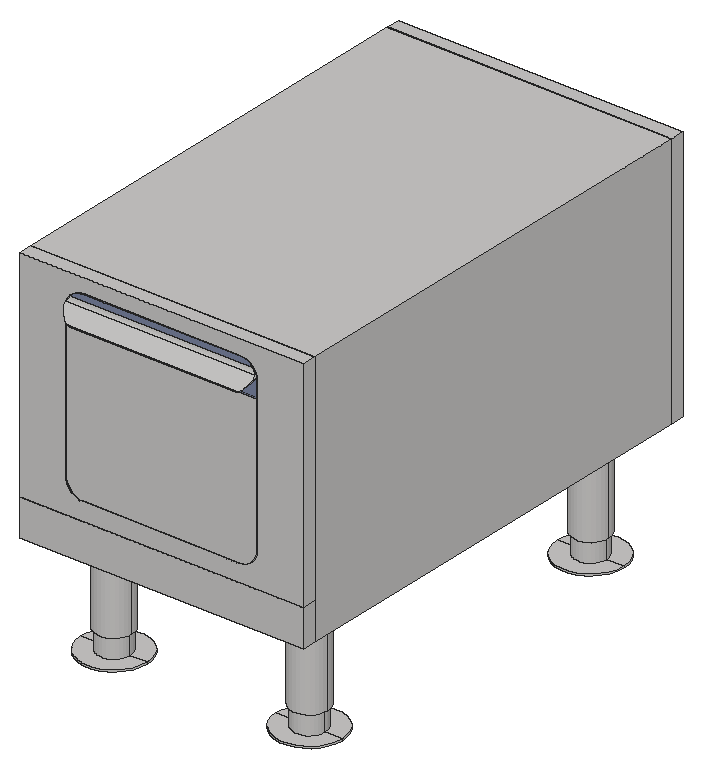
Revit family "QF_ELECTROLUXPROFESSIONAL_589903_MC1ICAEOOM", category Attrezzature speciali, Revit 2021
Family settings
  Quota connettore circolare = Usa diametro
  Tipo di parte = Normale
  Basato su piano di lavoro = No
  Sempre verticale = Sì
  Taglio con vuoti quando caricato = No
  Condiviso = No
  Punto di calcolo locali = No
Parameters (values of type "Standard")
  Weight = 23.00 kg
  Watts = 0 W
  Volts = 0 V
  URL Manufacturer = "https://www.electroluxprofessional.com/"
  URL = "https://www.electroluxprofessional.com/"
  Steam Supply Size = 0"
  Steam Supply Minimum Pressure = 0.00 psi
  Steam Supply Maximum Pressure = 0.00 psi
  Steam Consumption per Hour = 0
  Refrigeration Suction Line Size = 0 mm
  Refrigeration Liquid Line Size = 0 mm
  Refrigerant Compressor Remote = yes
  Prospetto di default = 0 mm
  Phase = 0
  Modello = "MC1ICAEOOM"
  Produttore = "Electrolux Professional"
  Length Actual = 500 mm  # constant formula
  Item Number = "589903"
  Hot Water Size = 0"
  Height Actual = 450 mm  # constant formula
  HP = "0 HP"
  Gas Size = 0"
  Gas KW = 0
  Gas Input Pressure = 0.0 Btu/h
  Direct Waste Size = 0"
  Descrizione = "CUPBOARD BASE, H3, GN, 1DR, 1SIDE, MARINE FEET, 500X900X450H"
  Depth Actual = 900 mm  # constant formula
  Cycle = 0 Hz
  Condensate Return Size = 0"
  Compressed Air Volume = 0 GPM
  Compressed Air Size = 0"
  Compressed Air Pressure = 0.00 psi
  Cold Water Size = 0"
  Accessory = yes
Reference planes
  plane 1 "BACK": y = 0
  plane 2: z = 0
  plane 3 "LEFT": x = -50
  plane 4 "RIGHT": x = 450
  plane 5 "FRONT": y = -900
  plane 6 "PLAIN": z = 900
  plane 7 "Center (Left/Right)": x = 200
  plane 8 "Center (Front/Back)": y = -450
  plane 9 "TOP": z = 650
  plane 10 "BASE": z = 200
  plane 11: x = 372
  plane 12: x = 28
  plane 13 "Feet_back": y = -150
  plane 14 "Feet_Front": y = -770
  plane 15: x = -50
  plane 16: x = 450
  plane 17: z = 265
  plane 18: y = -45
  plane 19: y = -855
  plane 20: y = -70
  plane 21: y = -880
  plane 22 "ButtonZ": z = 590
  plane 23: z = 427
Forms (mm)
  Extrusion 1, solid, material "QF_Finishes_Stainless Steel"
    sketch origin (-50, 0, 650) x (0, 1, 0) y (0, 0, 1)
      loop
        line (-70, -450) -> (-70, 0) -> (-855, 0) -> (-855, -450) -> (-70, -450)
    from 0 to 500
  Extrusion 2, solid, material "QF_Finishes_Stainless Steel"
    sketch origin (-50, 0, 650) x (0, 1, 0) y (0, 0, 1)
      loop
        line (-880, -450) -> (-855, -450) -> (-855, -385) -> (-880, -385) -> (-880, -450)
    from 0 to 500
  Extrusion 3, void
    sketch origin (0, -900, 0) x (1, 0, 0) y (0, 0, 1)
      loop
        line (-50, 650) -> (-50, 265) -> (450, 265) -> (450, 650) -> (-50, 650)
    from 0 to -830
  Extrusion 4, solid, material "QF_Finishes_Stainless Steel"
    sketch origin (0, -900, 0) x (1, 0, 0) y (0, 0, 1)
      loop
        line (-50, 650) -> (-50, 265) -> (450, 265) -> (450, 650) -> (-50, 650)
      loop
        arc (338, 295) -> (360.627, 304.373) -> (370, 327) r 32
        line (370, 327) -> (370, 593)
        arc (370, 593) -> (360.627, 615.627) -> (338, 625) r 32
        line (338, 625) -> (62, 625)
        arc (62, 625) -> (39.373, 615.627) -> (30, 593) r 32
        line (30, 593) -> (30, 327)
        arc (30, 327) -> (39.373, 304.373) -> (62, 295) r 32
        line (62, 295) -> (338, 295)
    from -45 to -830
  Revolve 5, solid, material "QF_Finishes_Stainless Steel"
    sketch origin (396, -770, 0) x (-1, 0, 0) y (0, 0, 1)
      loop
        line (400, 38) -> (400, 200) -> (368, 200) -> (368, 0) -> (426.5, 0) -> (426.5, 3) -> (396, 3) -> (396, 38) -> (400, 38)
      axis (368, 200) -> (368, 0)
    angle from 0 to 360
  Revolve 6, solid, material "QF_Finishes_Stainless Steel"
    sketch origin (640, -770, 0) x (-1, 0, 0) y (0, 0, 1)
      loop
        line (300, 38) -> (300, 200) -> (268, 200) -> (268, 0) -> (326.5, 0) -> (326.5, 3) -> (296, 3) -> (296, 38) -> (300, 38)
      axis (268, 200) -> (268, 0)
    angle from 0 to 360
  Revolve 7, solid, material "QF_Finishes_Stainless Steel"
    sketch origin (396, -150, 0) x (-1, 0, 0) y (0, 0, 1)
      loop
        line (400, 38) -> (400, 200) -> (368, 200) -> (368, 0) -> (426.5, 0) -> (426.5, 3) -> (396, 3) -> (396, 38) -> (400, 38)
      axis (368, 200) -> (368, 0)
    angle from 0 to 360
  Revolve 8, solid, material "QF_Finishes_Stainless Steel"
    sketch origin (640, -150, 0) x (-1, 0, 0) y (0, 0, 1)
      loop
        line (300, 38) -> (300, 200) -> (268, 200) -> (268, 0) -> (326.5, 0) -> (326.5, 3) -> (296, 3) -> (296, 38) -> (300, 38)
      axis (268, 200) -> (268, 0)
    angle from 0 to 360
  Extrusion 9, solid, material "QF_Finishes_Stainless Steel"
    sketch origin (0, -900, 0) x (1, 0, 0) y (0, 0, 1)
      loop
        line (-50, 650) -> (-50, 265) -> (450, 265) -> (450, 650) -> (-50, 650)
      loop
        arc (370, 593) -> (360.627, 615.627) -> (338, 625) r 32
        line (338, 625) -> (62, 625)
        arc (62, 625) -> (39.373, 615.627) -> (30, 593) r 32
        line (30, 593) -> (30, 327)
        arc (30, 327) -> (39.373, 304.373) -> (62, 295) r 32
        line (62, 295) -> (338, 295)
        arc (338, 295) -> (360.627, 304.373) -> (370, 327) r 32
        line (370, 327) -> (370, 593)
    from -45 to -20
  Extrusion 10, solid, material "QF_Finishes_Stainless Steel"
    sketch origin (0, 0, 0) x (1, 0, 0) y (0, 0, 1)
      loop
        line (-50, 650) -> (-50, 200) -> (450, 200) -> (450, 650) -> (-50, 650)
    from 45 to 70
  Extrusion 11, solid, material "QF_Finishes_Stainless Steel"
    sketch origin (0, -450, 0) x (-1, 0, 0) y (0, 0, 1)
      loop
        line (-30, 450) -> (-370, 450) -> (-370, 427) -> (-30, 427) -> (-30, 450)
    from -405 to 380
Cuts and joins
  Extrusion 3 cuts Extrusion 1
  joined: Extrusion 1, Extrusion 4
Lines and regions (mm)
  symbolic lines, style "SpecialityEquipmentHiddenLines"
    curve 1: line (-50, 0, 0) -> (450, 0, 0)
    curve 2: line (-50, -900, 0) -> (-50, 0, 0)
    curve 3: line (450, -900, 0) -> (-50, -900, 0)
    curve 4: line (450, 0, 0) -> (450, -900, 0)
Dimensions and locks
  plane 3 "LEFT" to plane 4 "RIGHT" = 500 mm
  plane 5 "FRONT" to plane 1 "BACK" = 900 mm
  equal spacing: plane 3 "LEFT", plane 7 "Center (Left/Right)", plane 4 "RIGHT"
  equal spacing: plane 5 "FRONT", plane 8 "Center (Front/Back)", plane 1 "BACK"
  plane 6 "PLAIN" to plane 9 "TOP" = 250 mm
  plane 10 "BASE" to level = 200 mm
  plane 9 "TOP" to plane 10 "BASE" = 450 mm
  locked: plane 1 "BACK" to plane 13 "Feet_back" at 150
  locked: plane 14 "Feet_Front" to plane 5 "FRONT" at 130
  locked: plane 12 to plane 3 "LEFT" at 78
  locked: plane 11 to plane 4 "RIGHT" at 78
  locked: plane 16 to plane 15 at 500
  locked: plane 17 to plane 10 "BASE" at 65
  locked: plane 1 "BACK" to plane 18 at 45
  locked: Extrusion 4 sketch curve to plane 17 at 30
  plane 6 "PLAIN" to level = 900 mm
  locked: plane 18 to plane 20 at 25
  locked: plane 21 to plane 5 "FRONT" at 20
  locked: plane 19 to plane 21 at 25
  plane 18 to plane 21 = 835 mm
  plane 22 "ButtonZ" to level = 590 mm
  equal spacing: plane 16, plane 7 "Center (Left/Right)", plane 15
  plane 23 to plane 17 = 162 mm
  aligned and locked: level to plane 2
  aligned and locked: Extrusion 1 to plane 4 "RIGHT"
  aligned and locked: Extrusion 1 to plane 3 "LEFT"
  aligned and locked: Extrusion 2 to plane 4 "RIGHT"
  aligned and locked: plane 9 "TOP" to Extrusion 3 sketch curve
  aligned and locked: Extrusion 3 sketch curve to plane 15
  aligned and locked: plane 16 to Extrusion 3 sketch curve
  aligned and locked: Extrusion 2 to plane 10 "BASE"
  aligned and locked: Extrusion 2 to plane 17
  aligned and locked: plane 17 to Extrusion 3 sketch curve
  aligned and locked: Extrusion 4 sketch curve to plane 15
  aligned and locked: plane 16 to Extrusion 4 sketch curve
  aligned and locked: plane 9 "TOP" to Extrusion 4 sketch curve
  aligned and locked: plane 17 to Extrusion 4 sketch curve
  aligned and locked: Extrusion 4 to plane 20
  aligned and locked: cut or joined group of Extrusion 1, Extrusion 3, Extrusion 4 to plane 20
  aligned and locked: Extrusion 2 to plane 19
  aligned and locked: plane 21 to Extrusion 2
Automatic sketch dimensions
  curve 3 to plane 3 "LEFT" = 0 mm
  curve 3 to plane 4 "RIGHT" = 0 mm
  plane 5 "FRONT" to curve 3 = 0 mm
  plane 1 "BACK" to curve 2 = 0 mm
  Extrusion 1 sketch curve to plane 10 "BASE" = 0 mm
  Extrusion 1 sketch curve to plane 19 = 0 mm
  Extrusion 1 sketch curve to plane 20 = 0 mm
  Extrusion 1 sketch curve to plane 9 "TOP" = 0 mm
  plane 17 to Extrusion 2 sketch curve = 0 mm
  Extrusion 2 sketch curve to plane 21 = 0 mm
  Extrusion 2 sketch curve to plane 10 "BASE" = 0 mm
  Extrusion 2 sketch curve to plane 19 = 0 mm
  Revolve 5 sketch curve to plane 12 = 0 mm  (x2)
  Revolve 5 sketch curve to level = 0 mm
  Revolve 5 sketch curve to plane 10 "BASE" = 0 mm
  Revolve 5 sketch curve to plane 12 = 28 mm
  Revolve 5 sketch curve to Revolve 5 sketch curve = 32 mm
  plane 3 "LEFT" to Revolve 5 sketch curve = 19.5 mm
  level to Revolve 5 sketch curve = 3 mm
  Revolve 5 sketch curve to Revolve 5 sketch curve = 35 mm
  Revolve 5 sketch curve to Revolve 5 sketch curve = 130 mm
  Revolve 5 sketch curve to plane 17 = 115 mm
  Revolve 6 sketch curve to plane 11 = 0 mm  (x2)
  Revolve 6 sketch curve to level = 0 mm
  Revolve 6 sketch curve to plane 10 "BASE" = 0 mm
  Revolve 6 sketch curve to plane 11 = 28 mm
  Revolve 6 sketch curve to Revolve 6 sketch curve = 32 mm
  Revolve 6 sketch curve to Revolve 6 sketch curve = 30.5 mm
  level to Revolve 6 sketch curve = 3 mm
  Revolve 6 sketch curve to Revolve 6 sketch curve = 35 mm
  Revolve 6 sketch curve to Revolve 6 sketch curve = 130 mm
  Revolve 6 sketch curve to plane 17 = 115 mm
  Revolve 7 sketch curve to plane 12 = 0 mm  (x2)
  Revolve 7 sketch curve to level = 0 mm
  Revolve 7 sketch curve to plane 10 "BASE" = 0 mm
  Revolve 7 sketch curve to plane 12 = 28 mm
  Revolve 7 sketch curve to Revolve 7 sketch curve = 32 mm
  plane 3 "LEFT" to Revolve 7 sketch curve = 19.5 mm
  level to Revolve 7 sketch curve = 3 mm
  Revolve 7 sketch curve to Revolve 7 sketch curve = 35 mm
  Revolve 7 sketch curve to Revolve 7 sketch curve = 130 mm
  Revolve 7 sketch curve to plane 17 = 115 mm
  Revolve 8 sketch curve to plane 11 = 0 mm  (x2)
  Revolve 8 sketch curve to level = 0 mm
  Revolve 8 sketch curve to plane 10 "BASE" = 0 mm
  Revolve 8 sketch curve to plane 11 = 28 mm
  Revolve 8 sketch curve to Revolve 8 sketch curve = 32 mm
  Revolve 8 sketch curve to Revolve 8 sketch curve = 30.5 mm
  level to Revolve 8 sketch curve = 3 mm
  Revolve 8 sketch curve to Revolve 8 sketch curve = 35 mm
  Revolve 8 sketch curve to Revolve 8 sketch curve = 130 mm
  Revolve 8 sketch curve to plane 17 = 115 mm
  Extrusion 10 sketch curve to plane 3 "LEFT" = 0 mm
  plane 4 "RIGHT" to Extrusion 10 sketch curve = 0 mm
  Extrusion 10 sketch curve to plane 10 "BASE" = 0 mm
  Extrusion 10 sketch curve to plane 9 "TOP" = 0 mm
  Extrusion 9 sketch curve to plane 3 "LEFT" = 0 mm
  plane 4 "RIGHT" to Extrusion 9 sketch curve = 0 mm
  Extrusion 9 sketch curve to plane 17 = 0 mm
  Extrusion 9 sketch curve to plane 9 "TOP" = 0 mm
  plane 12 to Extrusion 9 sketch curve = 2 mm
  plane 12 to Extrusion 9 sketch curve = 34 mm
  plane 22 "ButtonZ" to Extrusion 9 sketch curve = 3 mm  (x2)
  Extrusion 9 sketch curve to Extrusion 9 sketch curve = 32 mm
  Extrusion 9 sketch curve to plane 11 = 34 mm
  Extrusion 9 sketch curve to plane 11 = 2 mm
  Extrusion 9 sketch curve to plane 17 = 30 mm
  plane 22 "ButtonZ" to Extrusion 4 sketch curve = 3 mm  (x2)
  plane 12 to Extrusion 4 sketch curve = 34 mm
  Extrusion 4 sketch curve to plane 9 "TOP" = 25 mm
  Extrusion 4 sketch curve to plane 11 = 34 mm
  Extrusion 4 sketch curve to Extrusion 4 sketch curve = 32 mm  (x2)
  plane 23 to Extrusion 11 sketch curve = 23 mm
  Extrusion 11 sketch curve to plane 23 = 0 mm
  Extrusion 11 sketch curve to plane 11 = 2 mm
  plane 12 to Extrusion 11 sketch curve = 2 mm
Nested families
  nested 1: "H450H2_1DOOR" at (163.958, -855, 200) x (1, 0, 0) z (0, -1, 0), type "H450H2_1DOOR"
    with Width 340 mm, Show Clearance yes
Definition of nested family "H450H2_1DOOR"
  Parameters (values of type "H450H2_1DOOR")
    Width [instance] = 340 mm
    Show Clearance [instance] = yes
    Model = "727995"
    Height = 450 mm
    Default Elevation = 0 mm
  Reference planes
    plane 1 "Center (Front/Back)": y = 0
    plane 2: z = 0
    plane 3 "Center (Left/Right)": x = 36.042
    plane 4 "panel": z = 25
    plane 5: x = -133.958
    plane 6: x = 206.042
    plane 7: y = 450
    plane 8: z = 340
    plane 9: z = 45
    plane 10: x = -108.958
  Forms (mm)
    Extrusion 1, solid
      sketch origin (0, -919.2, 0) x (1, 0, 0) y (0, 1, 0)
        loop
          line (-980.5, 2119.2) -> (-980.5, -162.846) -> (881.94, -162.846) -> (881.94, 2119.2) -> (-980.5, 2119.2)
      from 0 to -59.546
    Extrusion 2, solid
      sketch origin (0, 0, 0) x (1, 0, 0) y (0, 1, 0)
        loop
          arc (-131.958, 127) -> (-123.171, 105.787) -> (-101.958, 97) r 30
          line (-101.958, 97) -> (174.042, 97)
          arc (174.042, 97) -> (195.255, 105.787) -> (204.042, 127) r 30
          line (204.042, 127) -> (204.042, 368) -> (-131.958, 368) -> (-131.958, 127)
      from 0 to 25
    Extrusion 3, solid
      sketch origin (0, -27, 0) x (1, 0, 0) y (0, 1, 0)
        loop
          line (-131.958, 393) -> (204.042, 393) -> (204.042, 420)
          arc (204.042, 420) -> (195.255, 441.213) -> (174.042, 450) r 30
          line (174.042, 450) -> (-101.958, 450)
          arc (-101.958, 450) -> (-123.171, 441.213) -> (-131.958, 420) r 30
          line (-131.958, 420) -> (-131.958, 393)
      from 0 to 25
    Extrusion 4, solid
      sketch origin (36.042, -27, 0) x (0, 1, 0) y (0, 0, 1)
        loop
          line (426.693, 25) -> (440.02, 25)
          arc (440.02, 25) -> (435.261, 25.775) -> (430.993, 28.02) r 15
          line (430.993, 28.02) -> (406.653, 46.362) -> (403.644, 42.369) -> (426.693, 25)
      from -168 to 168
    Extrusion 5, void
      sketch origin (72.084, 0, 0) x (-1, 0, 0) y (0, -1, 0)
        loop
          line (204.042, -399.693) -> (204.042, -376.644) -> (180.317, -376.644)
          arc (180.317, -376.644) -> (194.048, -385.332) -> (203.528, -398.53) r 42.603
          arc (203.528, -398.53) -> (193.201, -416.086) -> (174.042, -423) r 30
          line (174.042, -423) -> (204.042, -423) -> (204.042, -399.693)
      from 25 to 47.9
    Extrusion 6, void
      sketch origin (0, 0, 0) x (1, 0, 0) y (0, 1, 0)
        loop
          line (204.042, 423) -> (174.042, 423)
          arc (174.042, 423) -> (193.201, 416.086) -> (203.528, 398.53) r 30
          arc (203.528, 398.53) -> (194.048, 385.332) -> (180.317, 376.644) r 42.603
          line (180.317, 376.644) -> (204.042, 376.644) -> (204.042, 423)
      from 25 to 47.9
    Extrusion 7, solid, detail levels coarse
      sketch origin (0, 0, 0) x (1, 0, 0) y (0, 0, 1)
        loop
          line (-133.958, 340) -> (-133.958, 25) -> (206.042, 25)
          arc (206.042, 25) -> (107.107, 241.065) -> (-108.958, 340) r 340.918
          line (-108.958, 340) -> (-133.958, 340)
      from -423 to -97
  Cuts and joins
    Extrusion 5, Extrusion 6 cuts Extrusion 4
    Extrusion 6 cuts Extrusion 3
  Lines and regions (mm)
    symbolic lines
      curve 1: line (-133.958, 0, 340) -> (-133.958, 0, 45)
      curve 2: arc (203.986, 0, 44.931) -> (99.919, 0, 248.045) -> (-108.958, 0, 340) r 340.918
      curve 3: line (-108.958, 0, 45) -> (-108.958, 0, 340)
      curve 4: line (-108.958, 0, 340) -> (-133.958, 0, 340)
  Dimensions and locks
    plane 4 "panel" to level = 25 mm
    "Width": plane 5 to plane 6
    equal spacing: plane 5, plane 3 "Center (Left/Right)", plane 6
    "Height": plane 1 "Center (Front/Back)" to plane 7
    locked: plane 5 to Extrusion 2 sketch curve at 2
    locked: plane 1 "Center (Front/Back)" to Extrusion 2 sketch curve at 97
    plane 7 to Extrusion 2 sketch curve = 82 mm
    locked: Extrusion 2 sketch curve to plane 6 at 2
    "Width": Extrusion 1 to plane 8
    locked: plane 10 to plane 5 at 25
    aligned and locked: plane 2 to Extrusion 1
    aligned and locked: level to Extrusion 1
    aligned and locked: plane 4 "panel" to Extrusion 2
    aligned and locked: plane 4 "panel" to Extrusion 3
    aligned and locked: Extrusion 4 to Extrusion 3
    aligned and locked: Extrusion 3 to Extrusion 4
    aligned and locked: Extrusion 3 to Extrusion 2
    aligned and locked: cut or joined group of Extrusion 4, Extrusion 5, Extrusion 6 to plane 4 "panel"
    aligned and locked: Extrusion 6 sketch curve to Extrusion 2
    aligned and locked: Extrusion 2 to cut or joined group of Extrusion 4, Extrusion 5, Extrusion 6
    aligned and locked: plane 5 to Extrusion 7 sketch curve
    aligned and locked: plane 4 "panel" to Extrusion 7 sketch curve
    aligned and locked: Extrusion 2 to Extrusion 7
  Automatic sketch dimensions
    Extrusion 1 sketch curve to Extrusion 1 sketch curve = 1862.44 mm
    Extrusion 1 sketch curve to Extrusion 1 sketch curve = 2282.046 mm
    Extrusion 4 sketch curve to plane 4 "panel" = 0 mm
    plane 4 "panel" to Extrusion 4 sketch curve = 17.369 mm
    Extrusion 4 sketch curve to plane 7 = 73.356 mm
    plane 4 "panel" to Extrusion 4 sketch curve = 21.362 mm
    Extrusion 4 sketch curve to Extrusion 4 sketch curve = 3.009 mm
    plane 4 "panel" to Extrusion 4 sketch curve = 3.02 mm
    Extrusion 4 sketch curve to Extrusion 4 sketch curve = 9.027 mm
    curve 4 to plane 5 = 0 mm
    curve 3 to plane 8 = 0 mm
    plane 10 to curve 4 = 0 mm
    curve 2 to level = 0 mm
    curve 1 to plane 9 = 0 mm
    curve 3 to plane 9 = 0 mm
    curve 2 to plane 9 = 0.069 mm
    curve 2 to plane 5 = 0 mm
    Extrusion 7 sketch curve to level = 0 mm
    Extrusion 7 sketch curve to plane 5 = 0 mm
    Extrusion 7 sketch curve to plane 8 = 0 mm
    Extrusion 7 sketch curve to plane 6 = 0 mm
    Extrusion 2 sketch curve to plane 10 = 7 mm
    Extrusion 2 sketch curve to Extrusion 2 sketch curve = 30 mm
    Extrusion 3 sketch curve to plane 7 = 27 mm
    Extrusion 3 sketch curve to plane 10 = 7 mm
    plane 5 to Extrusion 3 sketch curve = 2 mm
    Extrusion 3 sketch curve to plane 6 = 2 mm
    Extrusion 3 sketch curve to plane 7 = 57 mm
    Extrusion 3 sketch curve to Extrusion 3 sketch curve = 27 mm
    plane 7 to Extrusion 5 sketch curve = 27 mm
    plane 7 to Extrusion 5 sketch curve = 33.671 mm
    plane 10 to Extrusion 5 sketch curve = 16.221 mm
    plane 10 to Extrusion 5 sketch curve = 7 mm
    plane 10 to Extrusion 5 sketch curve = 0.725 mm
    Extrusion 5 sketch curve to plane 5 = 2 mm
    Extrusion 5 sketch curve to Extrusion 5 sketch curve = 16.356 mm
    Extrusion 5 sketch curve to Extrusion 5 sketch curve = 0.514 mm
    plane 7 to Extrusion 5 sketch curve = 50.307 mm
    Extrusion 6 sketch curve to plane 7 = 27 mm
    Extrusion 6 sketch curve to Extrusion 6 sketch curve = 6.275 mm
    Extrusion 6 sketch curve to Extrusion 6 sketch curve = 9.221 mm
    Extrusion 6 sketch curve to Extrusion 6 sketch curve = 16.356 mm
    Extrusion 6 sketch curve to plane 7 = 33.671 mm
    Extrusion 6 sketch curve to Extrusion 6 sketch curve = 23.329 mm
    Extrusion 6 sketch curve to Extrusion 6 sketch curve = 0.514 mm
